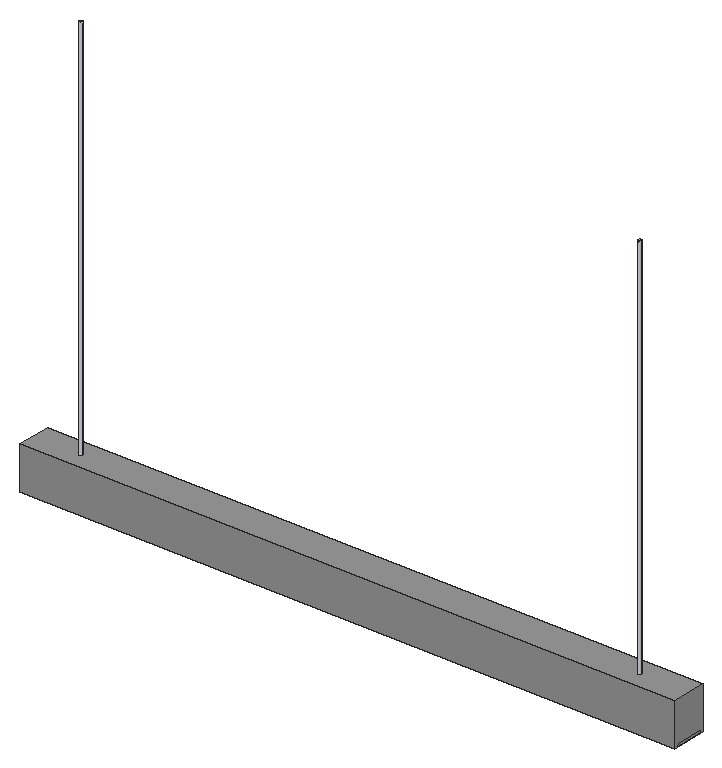
Revit family "HALIMALED_41_1200MM_3000k", category Lighting Fixtures, host Ceiling, Revit 2021
Family settings
  Host = Ceiling
  Round Connector Dimension = Use Diameter
  Part Type = Normal
  OmniClass Number = 23.80.70.11
  OmniClass Title = Luminaries for Internal Lighting
  Always vertical = Yes
  Cut with Voids When Loaded = No
  Light Source = Yes
  Shared = No
  Room Calculation Point = No
Parameters (values of type "Type 1")
  Wattage = 26.0532 W
  built-in parameter 1150110 = 1 (stored number, unit not read)
  Type de lampe = "LED Sanan"
  Type = "Profilé en saillie/suspension"
  built-in parameter 1114217 = 1 (stored number, unit not read)
  Tilt Angle = 90.00°
  Tension = "AC 220-240V"
  built-in parameter 1150109 = 1 (stored number, unit not read)
  built-in parameter 1150134 = (empty or 0)
  built-in parameter 1150113 = 1 (stored number, unit not read)
  SDCM = "<3"
  Puissance nominale = "40W"
  Photometric Web File = "google_eulumdat_converter (3).ies"
  Matériau = "Aluminium anodisé"
  Maintien du flux = "L80B10 (50 000 heures)"
  Lumens = 3870 lm
  built-in parameter 1150115 = 1 (stored number, unit not read)
  built-in parameter 1150105 = 307.96 (stored number, unit not read)
  built-in parameter 1150137 = (empty or 0)
  built-in parameter 1150139 = (empty or 0)
  built-in parameter 1150112 = 1 (stored number, unit not read)
  built-in parameter 1150114 = 1 (stored number, unit not read)
  built-in parameter 1150132 = 2
  built-in parameter 1150102 = (empty or 0)
  built-in parameter 1150138 = (empty or 0)
  built-in parameter 1150107 = 3000 (stored number, unit not read)
  built-in parameter 1150106 = 3.0796 (stored number, unit not read)
  IRC = ">80"
  Fintion = "Gris"
  Emit from Line Length = 609.6 mm
  built-in parameter 1150104 = 13.8 (stored number, unit not read)
  Durée de vie = "50 000 heures"
  Driver = "Driver Tridonic en version 230V on/off et Boke en DALI"
  Dimming Lamp Color Temperature Shift = <None>
  Dimensions = "63x78 mm, L = 1200 mm"
  Diffuseur = "Capot diffusant microprismatique"
  Default Elevation = 0 mm
  Color Filter = 16777215
  built-in parameter 1114218 = 1 (stored number, unit not read)
  built-in parameter 1150133 = 10 (stored number, unit not read)
  Angle d'éclairage = "90°"
Reference planes
  plane 1 "Light Source Axis (F/B)": y = 0
  plane 2: z = 0
  plane 3 "Light Source Axis (L/R)": x = 0
  plane 4 "Ceiling": z = 4000
  plane 5 "Light Source Elevation": z = 3246.255
Forms (mm)
  Extrusion 1, solid, material "Aluminium anodisé gris"
    sketch origin (0, 0, 0) x (0, 1, 0) y (0, 0, 1)
      loop
        line (31.5, 3211) -> (31.5, 3289) -> (-31.5, 3289) -> (-31.5, 3211) -> (-26.5, 3211) -> (-26.5, 3286) -> (26.5, 3286) -> (26.5, 3211) -> (31.5, 3211)
    from -600 to 600
  Extrusion 2, solid, material "Aluminium anodisé gris"
    sketch origin (-895, 0, 0) x (1, 0, 0) y (0, 0, 1)
      loop
        line (1487.077, 3289) -> (1487.077, 3211) -> (1495, 3211) -> (1495, 3289) -> (1487.077, 3289)
      loop
        line (304.099, 3289) -> (295, 3289) -> (295, 3211) -> (304.099, 3211) -> (304.099, 3289)
    from -31.5 to 31.5
  Extrusion 3, solid, material "Glass, White, High Luminance"
    sketch origin (0, 0, 0) x (1, 0, 0) y (0, 0, 1)
      loop
        line (600, 3211) -> (600, 3214) -> (-600, 3214) -> (-600, 3211) -> (600, 3211)
    from -26.5 to 26.5
  Extrusion 4, solid
    sketch origin (-881.007, 0, 4000) x (0, -1, 0) y (1, 0, 0)
      loop
        circle (0, 1391.423) r 3
    from 0 to -711
  Extrusion 5, solid
    sketch origin (877.785, 0, 4000) x (0, 1, 0) y (-1, 0, 0)
      loop
        circle (0, 1391.423) r 3
    from 0 to -711
Cuts and joins
  joined: Extrusion 1, Extrusion 2
Lines and regions (mm)
  reference lines
    curve 1: line (0, 0, 3250) -> (0, 0, 3289)
    curve 2: line (-1500, 0, 3289) -> (-1500, 0, 3211)
    curve 3: line (0, 0, 3211) -> (0, -31.5, 3211)
    curve 4: line (0, -31.5, 3211) -> (0, -31.5, 3289)
    curve 5: line (0, -31.5, 3289) -> (0, 31.5, 3289)
    curve 6: line (0, 31.5, 3289) -> (0, 31.5, 3211)
    curve 7: line (0, 31.5, 3211) -> (0, 0, 3211)
    curve 8: line (0, 0, 3250) -> (-750, 0, 3250)
    curve 9: line (0, 0, 3250) -> (750, 0, 3250)
    curve 10: line (0, 0, 3246.255) -> (600, 0, 3246.255)
    curve 11: line (0, 0, 3246.255) -> (-600, 0, 3246.255)
Dimensions and locks
  equal spacing: host sketch curve, plane 3 "Light Source Axis (L/R)", host sketch curve
  equal spacing: host sketch curve, plane 1 "Light Source Axis (F/B)", host sketch curve
  host sketch curve to host sketch curve = 4000 mm  (x2)
  plane 4 "Ceiling" to host ceiling = 0 mm
  aligned and locked: plane 1 "Light Source Axis (F/B)" to imposter light
  aligned and locked: plane 5 "Light Source Elevation" to imposter light
